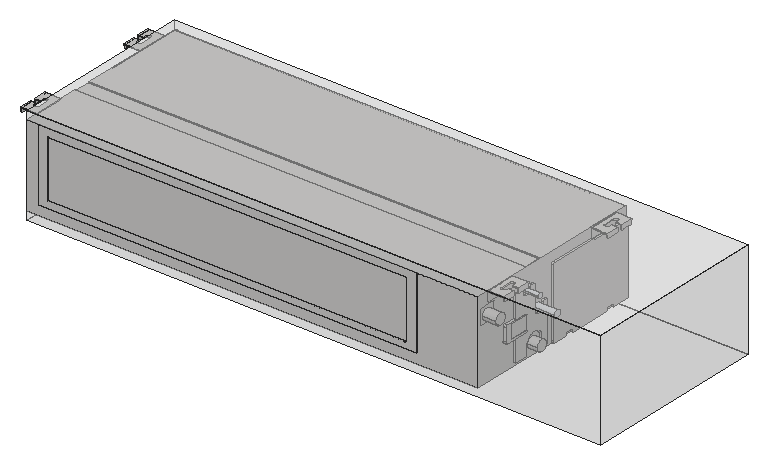
Revit family "outputfile", category 機械設備, Revit 2024
Family settings
  丸型コネクタ寸法 = 半径を使用
  パーツ タイプ = 標準
  OmniClass 番号 = 23.75.10.24.21.27.27
  OmniClass タイトル = Split System Air Conditioning Units
  作業面ベース = いいえ
  常に垂直 = はい
  ロード時にボイドで切り取り = いいえ
  注釈の向きを維持 = いいえ
  共有 = いいえ
  部屋計算ポイント = はい
Parameters (values of type "FPDSQ63APVM")
  Description = ""
  製造元 = "Daikin"
  書き出し IFC クラス(タイプ) = "IfcUnitaryEquipmentType"
  定義済み IFC タイプ(タイプ) = "AIRCONDITIONINGUNIT"
  Cost = 0
  モデル = "FPDSQ63APVM"
  Type Comments = ""
  Keynote = ""
  Type Image = (empty or 0)
  Assembly Code = ""
  lw_suctionflange = 36.75 mm  # constant formula
  r_Liquid Pipe Size = Liquid Pipe Size / 2  # 4.75 mm
  r_Gas Pipe Size = Gas Pipe Size / 2  # 7.95 mm
  r_Drain Pipe Size = Drain Pipe Size / 2  # 13.0 mm
  lw_dischargeflange = 60.0 mm  # constant formula
  lw_SA_left = 551.0 mm
  lw_SA = Width - 178.0 mm  # 922.0 mm
  lw_RA = 1024.5 mm
  lh_suctionflange [instance] = if(Rear Connection_Return Air, -100.0 mm, -10.0 mm)  # -100.0 mm
  lh_power = 100.0 mm  # constant formula
  lh_mountinghole1 = lh_mountinghole  # 200.0 mm
  lh_dischargeflange = 112.0 mm  # constant formula
  lh_RA = 198.0 mm  # constant formula
  ld_dischargeflange = 225.0 mm  # constant formula
  ld_suctionflange [instance] = if(Rear Connection_Return Air, 190.0 mm, 100.0 mm)  # 190.0 mm
  angle_vertical_RA [instance] = if(Rear Connection_Return Air, 90.00°, 0.00°)  # 90.00°
  angle horizontal_RA [instance] = if(Rear Connection_Return Air, 180.00°, 270.00°)  # 180.00°
  Voltage_comment_60Hz = "220-230"
  Voltage_comment_50Hz = "220 - 240"
  Voltage_60Hz = 220 V
  Voltage_50Hz = 230 V
  URL = ""
  Supply Air Direction [instance] = yes
  Sound Power Level_H speed (dB) = 0
  Rear Connection_Return Air [instance] = not(Bottom Connection_Return Air)  # yes
  ld_RA = 190.0 mm  # constant formula
  Phase_60Hz = 1
  Phase_50Hz = 1
  Minimum External Static Pressure = 0.00 Pa
  Minimum Circuit Amps_60Hz = 0.66 A
  Minimum Circuit Amps_50Hz = 0.66 A
  Maximum Fuse Amps_60Hz = 16.0 A
  Maximum Fuse Amps_50Hz = 16.0 A
  Maximum External Static Pressure = 10.00 Pa
  Material_Casing = DAIKIN_GalvanizedSteel_Casing_indoorunit
  lw_mountinghole = 1140.0 mm
  lh_gaspipe = -98.0 mm  # constant formula
  lh_mountinghole = 200.0 mm  # constant formula
  lh_liquidpipe = -45.5 mm  # constant formula
  lh_drainpipe = -50.0 mm  # constant formula
  lh_antena = 1.0 mm  # constant formula
  ld_drainpipe = 197.0 mm  # constant formula
  ld_liquidpipe = 84.0 mm  # constant formula
  ld_gaspipe = 46.5 mm  # constant formula
  ld_mountinghole = 315.0 mm  # constant formula
  h*** = 100.0 mm  # constant formula
  lw_liquidpipe = 40.0 mm  # constant formula
  lw_gaspipe = 51.0 mm  # constant formula
  lw_drainpipe = 33.0 mm  # constant formula
  Width = 1100.0 mm
  Version = "ver.1.0"
  Unit Type = "Intelligent 3D Air Flow Ceiling Mounted Duct Type"
  Unit Mass Weight = 23.00 kg
  Unit Designation [instance] = ""
  Uniclass2015Version = "Products v1.30"
  Uniclass2015Title = "Variable refrigerant flow units"
  Uniclass2015Code = "Pr_70_65_03_94"
  Total Cooling Capacity [instance] = 0.000 kW
  Sound Pressure Level_M speed (dBA) = 35
  Sound Pressure Level_L speed (dBA) = 30
  Sound Pressure Level_H speed (dBA) = 39
  Series = "VRV HOME_Fan Coil Unit"
  Sensible Cooling Capacity [instance] = 0.000 kW
  SA Duct Size Width = 856.0 mm
  SA Duct Size Height = 141.0 mm
  Refrigerant Type = "R410A"
  RA Duct Size Width = 998.5 mm
  RA Duct Size Height = 172.0 mm
  Power Input (Cooling) = 0.054 kW
  Option Accessory 3 [instance] = ""
  Option Accessory 2 [instance] = ""
  Option Accessory 1 [instance] = ""
  Nominal Cooling Capacity = 7.100 kW
  Minimum Airflow = 690.00 m³/h
  Median Airflow = 900.00 m³/h
  Maximum Airflow = 1140.00 m³/h
  Load Classification = HVAC
  Liquid Pipe Size = 9.5 mm
  Link_Nested Family [instance] = ""
  IfcVersion = ""
  IfcExportType = "AIRCONDITIONINGUNIT"
  IfcExportAs = "IfcUnitaryEquipmentType"
  Height = 200.0 mm
  Heat Exchanger Type = "Cross Fin Coil"
  Gas Pipe Size = 15.9 mm
  Frequency_60Hz = 60 Hz
  Frequency_50Hz = 50 Hz
  Fan Type = "Sirocco Fan"
  Fan Drive = "Direct Drive"
  FCU Tag No. [instance] = ""
  Drain Pipe Size = 26.0 mm
  Design Supply Airflow [instance] = 0.00 m³/h
  Design Return Airflow [instance] = 0.00 m³/h
  Design External Static Pressure [instance] = 0.00 Pa
  Depth = 450.0 mm
  既定の高さ = 0.0 mm
  Cooling Entering Wet Bulb Temperature [instance] = 0.00 °C
  Cooling Entering Dry Bulb Temperature [instance] = 0.00 °C
  Cooling Ambient Wet Bulb Temperature [instance] = 0.00 °C
  Cooling Ambient Dry Bulb Temperature [instance] = 0.00 °C
  Clearance visibility [instance] = yes
  Clearance Top = 20.0 mm
  Clearance Right = 300.0 mm
  Clearance Rear = 0.0 mm
  Clearance Left = 0.0 mm
  Clearance Front = 0.0 mm
  Clearance Bottom = 20.0 mm
  Bottom Connection_Return Air [instance] = no
  left_pipe = yes
Reference planes
  plane 1 "Center (Front/Back)": y = 0
  plane 2 "h": z = 0
  plane 3 "Center (Left/Right)": x = 0
  plane 4 "Back": y = 225
  plane 5 "Front": y = -225
  plane 6 "Left": x = -550
  plane 7 "Reight": x = 550
  plane 8 "Top": z = 0
  plane 9 "Bottom": z = -200
  plane 10: z = 1.2
  plane 11: z = -2
  plane 12: y = -136.255
  plane 13: z = -130.998
  plane 14: y = -88.831
  plane 15: x = -370
  plane 16 "lh_mountinghole": z = 0
  plane 17: y = -197
  plane 18: z = -50
  plane 19: y = -157.5
  plane 20: y = 157.5
  plane 21 "ld_liquidpipe": y = -84
  plane 22 "ld_gaspipe": y = -46.5
  plane 23: y = -215
  plane 24 "ld_maintenacesocket": y = -197
  plane 25: x = -570
  plane 26: x = -550
  plane 27: x = 548.7
  plane 28: x = 583
  plane 29: x = 557
  plane 30: x = 560
  plane 31: x = 558
  plane 32: x = 570
  plane 33: y = -62
  plane 34: x = 575.5
  plane 35: x = 548
  plane 36: y = 225
  plane 37: y = -225
  plane 38: x = -550
  plane 39: x = 850
  plane 40: z = 20
  plane 41: z = -220
  plane 42: y = 250
  plane 43: z = -198
  plane 44: z = 205.102
  plane 45 "d_liquid_pipe": x = 590
  plane 46 "d_gas_pipe": x = 601
  plane 47 "ld_SA": y = -225
  plane 48: x = -350
  plane 49: x = -60
  plane 50: y = 415
  plane 51: z = -88
  plane 52: z = -189.5
  plane 53: x = -549
  plane 54: z = -199
  plane 55: z = -1
  plane 56: y = 35
  plane 57: y = 25
  plane 58: z = -10
  plane 59 "RA_width": x = -36.75
  plane 60: y = 125
  plane 61 "RA_depth": y = 35
  plane 62: z = -100
  plane 63: x = -349
  plane 64: y = 224
  plane 65: x = 442.57
  plane 66: z = -31.16
  plane 67: x = 502
  plane 68: y = 158.8
  plane 69 "h86.5": z = -113.5
  plane 70: y = 111
Forms (mm)
  Extrusion 1, solid, material "DAIKIN_GalvanizedSteel_Casing_indoorunit" <- "Material_Casing"
    sketch origin (0, 0, 0) x (1, 0, 0) y (0, 1, 0)
      loop
        line (-550, 225) -> (-550, -225) -> (550, -225) -> (550, 225) -> (-550, 225)
    from -200 to 0
  Extrusion 2, solid, material "DAIKIN_GalvanizedSteel_Casing_indoorunit" <- "Material_Casing"
    sketch origin (0, 0.312, 0) x (0, 1, 0) y (0, 0, 1)
      loop
        line (182.791, -198) -> (224.688, -198) -> (224.688, -22.445) -> (195.656, -22.445) -> (192.165, -25.937) -> (122.336, -25.937) -> (118.844, -22.445) -> (1.633, -22.445)
        arc (1.633, -22.445) -> (-0.483, -23.322) -> (-1.36, -25.438) r 2.993
        line (-1.36, -25.438) -> (-1.36, -195.007)
        arc (-1.36, -195.007) -> (-0.483, -197.123) -> (1.633, -198) r 2.993
        line (1.633, -198) -> (31.061, -198)
        arc (31.061, -198) -> (33.177, -197.124) -> (34.053, -195.008) r 2.992
        line (34.053, -195.008) -> (34.053, -188.29)
        arc (34.053, -188.29) -> (35.55, -186.794) -> (37.046, -188.29) r 1.496
        line (37.046, -188.29) -> (37.046, -190.333) -> (52.01, -190.333) -> (52.01, -188.29)
        arc (52.01, -188.29) -> (53.506, -186.794) -> (55.002, -188.29) r 1.496
        line (55.002, -188.29) -> (55.002, -195.007)
        arc (55.002, -195.007) -> (55.879, -197.123) -> (57.995, -198) r 2.993
        line (57.995, -198) -> (155.756, -198)
        arc (155.756, -198) -> (157.872, -197.123) -> (158.749, -195.007) r 2.993
        line (158.749, -195.007) -> (158.749, -188.29)
        arc (158.749, -188.29) -> (160.245, -186.794) -> (161.741, -188.29) r 1.496
        line (161.741, -188.29) -> (161.741, -190.333) -> (176.705, -190.333) -> (176.705, -188.29)
        arc (176.705, -188.29) -> (178.201, -186.794) -> (179.697, -188.29) r 1.496
        line (179.697, -188.29) -> (179.697, -195.005)
        arc (179.697, -195.005) -> (180.571, -197.115) -> (182.682, -197.989) r 2.984
      loop
        arc (-61.313, -42.952) -> (-62.034, -41.571) -> (-63.466, -40.958) r 2.32
        line (-63.466, -40.958) -> (-70.317, -40.958)
        arc (-70.317, -40.958) -> (-71.728, -41.542) -> (-72.313, -42.953) r 1.995
        line (-72.313, -42.953) -> (-72.313, -45.5)
        arc (-72.313, -45.5) -> (-84.313, -57.5) -> (-96.313, -45.5) r 12
        line (-96.313, -45.5) -> (-96.313, -42.953)
        arc (-96.313, -42.953) -> (-96.897, -41.542) -> (-98.308, -40.958) r 1.995
        line (-98.308, -40.958) -> (-115.14, -40.958)
        arc (-115.14, -40.958) -> (-116.551, -41.542) -> (-117.135, -42.953) r 1.995
        line (-117.135, -42.953) -> (-117.135, -189.5) -> (-22.307, -189.5) -> (-22.307, -92.768)
        arc (-22.307, -92.768) -> (-22.891, -91.358) -> (-24.302, -90.773) r 1.995
        line (-24.302, -90.773) -> (-30.318, -90.773)
        arc (-30.318, -90.773) -> (-31.728, -91.358) -> (-32.313, -92.768) r 1.995
        line (-32.313, -92.768) -> (-32.313, -99.963)
        arc (-32.313, -99.963) -> (-47.621, -112.774) -> (-61.313, -98.249) r 14.551
        line (-61.313, -98.249) -> (-61.313, -42.952)
    from 550 to 557
  Extrusion 3, solid, material "DAIKIN_GalvanizedSteel_Casing_indoorunit" <- "Material_Casing"
    sketch origin (0, 0, 0) x (0, 1, 0) y (0, 0, 1)
      loop
        line (-91.821, -94.277) -> (-145.472, -94.277)
        arc (-145.472, -94.277) -> (-147.727, -95.07) -> (-148.682, -97.262) r 2.993
        line (-148.682, -97.262) -> (-148.682, -131.007)
        arc (-148.682, -131.007) -> (-147.871, -133.233) -> (-145.694, -134.172) r 2.993
        line (-145.694, -134.172) -> (-92.043, -134.172)
        arc (-92.043, -134.172) -> (-89.788, -133.378) -> (-88.833, -131.187) r 2.993
        line (-88.833, -131.187) -> (-88.831, -97.148)
        arc (-88.831, -97.148) -> (-89.748, -95.111) -> (-91.821, -94.277) r 2.993
    from 550 to 560
  Extrusion 4, void
    sketch origin (0, 0, 0) x (1, 0, 0) y (0, 1, 0)
      loop
        line (548.7, -35.647) -> (-550, -35.647) -> (-550, -77.912) -> (548.7, -77.912) -> (548.7, -35.647)
    from -2 to 0
  Extrusion 5, void
    sketch origin (0, 0, 0) x (0, 1, 0) y (0, 0, 1)
      loop
        line (-136.255, -95.719) -> (-136.255, -130.724) -> (-88.831, -130.724) -> (-88.831, -95.719) -> (-136.255, -95.719)
    from 558 to 560
  Extrusion 6, void
    sketch origin (0, 0, 29.537) x (0, 1, 0) y (0, 0, 1)
      loop
        arc (-37.558, -199.001) -> (-61.998, -174.561) -> (-86.438, -199.001) r 24.44
        line (-86.438, -199.001) -> (-86.438, -219.037) -> (-37.558, -219.037) -> (-37.558, -199.001)
    from 557 to 550
  Extrusion 7, solid, material "DAIKIN_GalvanizedSteel_Casing_indoorunit" <- "Material_Casing"
    sketch origin (0, 0, 0) x (0, 1, 0) y (0, 0, 1)
      loop
        circle (-62, -170) r 12.968
    from 550 to 575.5
  Extrusion 8, solid, material "DAIKIN_GalvanizedSteel_Casing_indoorunit" <- "Material_Casing"
    sketch origin (0, 0, 0) x (0, 1, 0) y (0, 0, 1)
      loop
        circle (-197, -50) r 13
    from 548 to 583
  Extrusion 9, void
    sketch origin (0, 0, 0) x (0, 1, 0) y (0, 0, 1)
      loop
        arc (-212.961, -29.051) -> (-216.488, -30.512) -> (-217.949, -34.039) r 4.988
        line (-217.949, -34.039) -> (-217.949, -63.961)
        arc (-217.949, -63.961) -> (-216.488, -67.488) -> (-212.961, -68.949) r 4.988
        line (-212.961, -68.949) -> (-181.039, -68.949)
        arc (-181.039, -68.949) -> (-177.512, -67.488) -> (-176.051, -63.961) r 4.988
        line (-176.051, -63.961) -> (-176.051, -34.039)
        arc (-176.051, -34.039) -> (-177.512, -30.512) -> (-181.039, -29.051) r 4.988
        line (-181.039, -29.051) -> (-212.961, -29.051)
    from 548 to 550
  Extrusion 10, solid
    sketch origin (0, 0, 0) x (0, 1, 0) y (0, 0, 1)
      loop
        circle (-84, -45.5) r 4.75
    from 550 to 590
  Extrusion 11, solid
    sketch origin (0, 0, 0) x (0, 1, 0) y (0, 0, 1)
      loop
        circle (-46.5, -98) r 7.95
    from 550 to 601
  Extrusion 12, solid, material "DAIKIN_GalvanizedSteel_Casing_indoorunit" <- "Material_Casing"
    sketch origin (0, 0, 0) x (1, 0, 0) y (0, 1, 0)
      loop
        circle (502, 158.8) r 25
    from -198 to -200
  Extrusion 13, void
    sketch origin (0, 0, 0) x (1, 0, 0) y (0, 0, 1)
      loop
        line (-549, -1) -> (-549, -199) -> (462.5, -199) -> (462.5, -1) -> (-549, -1)
    from -225 to -35
  Extrusion 14, void
    sketch origin (0, 0, 0) x (1, 0, 0) y (0, 1, 0)
      loop
        line (-549, 224) -> (-549, 26) -> (462.5, 26) -> (462.5, 224) -> (-549, 224)
    from -200 to -10
  Extrusion 15, solid, material "DAIKIN_GalvanizedSteel_Casing_indoorunit" <- "Material_Casing", visible <- "Rear Connection_Return Air"
    sketch origin (0, 0, 0) x (1, 0, 0) y (0, 1, 0)
      loop
        line (462.5, 224) -> (-549, 224) -> (-549, 26) -> (462.5, 26) -> (462.5, 224)
    from -200 to -199
  Extrusion 16, solid, material "DAIKIN_GalvanizedSteel_Casing_indoorunit" <- "Material_Casing", visible <- "Bottom Connection_Return Air"
    sketch origin (0, 0, 0) x (1, 0, 0) y (0, 0, 1)
      loop
        line (462.5, -1) -> (-549, -1) -> (-549, -199) -> (462.5, -199) -> (462.5, -1)
    from -225 to -215
  Extrusion 17, void
    sketch origin (-550, 0, 0) x (0, 1, 0) y (0, 0, 1)
      loop
        line (152, -88.5) -> (70, -88.5) -> (70, -138.5) -> (152, -138.5) -> (152, -88.5)
    from 0 to 0.5
  Revolve 18, solid, material "DAIKIN_GalvanizedSteel_Casing_indoorunit" <- "Material_Casing", visible <- "left_pipe"
    sketch origin (0, 0, -113.5) x (0, 1, 0) y (-1, 0, 0)
      loop
        line (111, 549.5) -> (111, 573) -> (103.5, 573) -> (103.5, 559) -> (93.5, 559) -> (93.5, 557.5) -> (90, 557.5) -> (90, 549.5) -> (111, 549.5)
      axis (111, 573) -> (111, 549.5)
    angle from 0 to 360
Cuts and joins
  Extrusion 4, Extrusion 5, Extrusion 9, Extrusion 13, Extrusion 14, Extrusion 17 cuts Extrusion 1
  Extrusion 5 cuts Extrusion 3
  Extrusion 6 cuts Extrusion 2
  Extrusion 13 cuts Extrusion 8
Dimensions and locks
  "Height": plane 8 "Top" to plane 9 "Bottom"
  locked: plane 10 to plane 8 "Top" at 1.2
  locked: plane 8 "Top" to plane 11 at 2
  locked: Extrusion 6 sketch curve to Extrusion 6 sketch curve at 48.881
  locked: Extrusion 6 sketch curve to Extrusion 6 sketch curve at 20.035  (x2)
  equal spacing: plane 19, plane 1 "Center (Front/Back)", plane 20
  "ld_mountinghole": plane 19 to plane 20
  "ld_gaspipe": plane 22 "ld_gaspipe" to plane 1 "Center (Front/Back)"
  "ld_liquidpipe": plane 21 "ld_liquidpipe" to plane 1 "Center (Front/Back)"
  "ld_drainpipe": plane 24 "ld_maintenacesocket" to plane 1 "Center (Front/Back)"
  equal spacing: plane 4 "Back", plane 1 "Center (Front/Back)", plane 5 "Front"
  "Depth": plane 4 "Back" to plane 5 "Front"
  locked: plane 12 to plane 1 "Center (Front/Back)" at 136.255
  locked: plane 12 to plane 14 at 47.425
  locked: plane 14 to plane 1 "Center (Front/Back)" at 88.831
  locked: plane 13 to plane 9 "Bottom" at 69.002
  equal spacing: plane 6 "Left", plane 3 "Center (Left/Right)", plane 7 "Reight"
  "Width": plane 6 "Left" to plane 7 "Reight"
  "lw_drainpipe": plane 7 "Reight" to plane 28
  locked: plane 7 "Reight" to plane 29 at 7
  locked: plane 30 to plane 28 at 23
  locked: plane 31 to plane 28 at 25
  equal spacing: plane 25, plane 3 "Center (Left/Right)", plane 32
  "lw_mountinghole": plane 25 to plane 32
  locked: plane 7 "Reight" to plane 34 at 25.5
  locked: plane 35 to plane 7 "Reight" at 2
  "Clearance Left": plane 38 to plane 6 "Left"
  "Clearance Right": plane 7 "Reight" to plane 39
  "Clearance Rear": plane 36 to plane 4 "Back"
  "Clearance Front": plane 5 "Front" to plane 37
  "Clearance Top": plane 40 to plane 8 "Top"
  "Clearance Bottom": plane 9 "Bottom" to plane 41
  locked: plane 42 to plane 4 "Back" at 25
  locked: plane 27 to plane 7 "Reight" at 1.3
  locked: plane 43 to plane 9 "Bottom" at 2
  "lw_liquidpipe": plane 7 "Reight" to plane 45 "d_liquid_pipe"
  "lw_gaspipe": plane 7 "Reight" to plane 46 "d_gas_pipe"
  "lh_mountinghole": plane 16 "lh_mountinghole" to plane 9 "Bottom"
  "ld_suctionflange": plane 50 to plane 4 "Back"
  "lw_dischargeflange": plane 49 to plane 3 "Center (Left/Right)"
  "lh_dischargeflange": plane 51 to plane 9 "Bottom"
  locked: plane 52 to plane 9 "Bottom" at 10.5
  locked: plane 33 to plane 1 "Center (Front/Back)" at 62
  locked: plane 8 "Top" to plane 55 at 1
  locked: plane 53 to plane 6 "Left" at 1
  locked: plane 54 to plane 9 "Bottom" at 1
  locked: plane 58 to plane 9 "Bottom" at 190
  locked: plane 4 "Back" to plane 56 at 190
  locked: plane 4 "Back" to plane 57 at 200
  locked: plane 4 "Back" to plane 60 at 100
  "lw_suctionflange": plane 59 "RA_width" to plane 3 "Center (Left/Right)"
  "ld_suctionflange": plane 4 "Back" to plane 61 "RA_depth"
  "lh_power": plane 62 to plane 9 "Bottom"
  locked: plane 48 to plane 63 at 1
  locked: plane 36 to plane 64 at 1
  locked: plane 8 "Top" to plane 66 at 31.16
  locked: plane 7 "Reight" to plane 65 at 107.43
  locked: plane 18 to plane 9 "Bottom" at 150
  locked: plane 67 to plane 7 "Reight" at 48
  locked: Extrusion 17 sketch curve to Extrusion 17 sketch curve at 82
  locked: Extrusion 17 sketch curve to Extrusion 17 sketch curve at 50
  locked: plane 4 "Back" to Extrusion 17 sketch curve at 73
  locked: Extrusion 17 sketch curve to plane 9 "Bottom" at 61.5
  locked: plane 69 "h86.5" to plane 9 "Bottom" at 86.5
  locked: plane 4 "Back" to plane 70 at 114
  locked: plane 70 to Revolve 18 sketch curve at 21
  locked: plane 70 to Revolve 18 sketch curve at 17.5
  locked: plane 70 to Revolve 18 sketch curve at 7.5
  locked: Revolve 18 sketch curve to plane 6 "Left" at 23
  cut or joined group of Extrusion 1, Extrusion 4, Extrusion 5, Extrusion 9, Extrusion 13, Extrusion 14, Extrusion 17 to nested 16 = 998.5 mm
  nested 16 to nested 9 = 14.0 mm
  nested 16 to cut or joined group of Extrusion 1, Extrusion 4, Extrusion 5, Extrusion 9, Extrusion 13, Extrusion 14, Extrusion 17 = 13.0 mm
  "ld_dischargeflange": plane 47 "ld_SA" to plane 1 "Center (Front/Back)"
  plane 4 "Back" to plane 68 = 66.2 mm
  "Drain Pipe Size": diameter of Extrusion 8 sketch curve
  "Liquid Pipe Size": diameter of Extrusion 10 sketch curve
  "Gas Pipe Size": diameter of Extrusion 11 sketch curve
  aligned and locked: level to plane 2 "h"
  aligned and locked: plane 8 "Top" to Extrusion 1
  aligned and locked: Extrusion 1 to plane 9 "Bottom"
  aligned and locked: cut or joined group of Extrusion 1, Extrusion 4, Extrusion 5, Extrusion 9, Extrusion 13, Extrusion 14, Extrusion 17 to plane 8 "Top"
  aligned and locked: Extrusion 4 to plane 11
  aligned and locked: plane 8 "Top" to Extrusion 4
  aligned and locked: Extrusion 3 to Extrusion 5
  aligned and locked: plane 14 to Extrusion 5 sketch curve
  aligned and locked: Extrusion 5 sketch curve to plane 12
  aligned and locked: plane 19 to nested 1
  aligned and locked: nested 3 to plane 19
  aligned and locked: nested 2 to plane 20
  aligned and locked: nested 4 to plane 22 "ld_gaspipe"
  aligned and locked: nested 5 to plane 21 "ld_liquidpipe"
  aligned and locked: nested 6 to plane 24 "ld_maintenacesocket"
  aligned and locked: plane 4 "Back" to cut or joined group of Extrusion 2, Extrusion 6
  aligned and locked: nested 1 to plane 7 "Reight"
  aligned and locked: plane 6 "Left" to plane 26
  aligned and locked: Extrusion 4 sketch curve to plane 26
  aligned and locked: Extrusion 4 sketch curve to plane 27
  aligned and locked: cut or joined group of Extrusion 1, Extrusion 4, Extrusion 5, Extrusion 9, Extrusion 13, Extrusion 14, Extrusion 17 to plane 6 "Left"
  aligned and locked: plane 7 "Reight" to cut or joined group of Extrusion 1, Extrusion 4, Extrusion 5, Extrusion 9, Extrusion 13, Extrusion 14, Extrusion 17
  aligned and locked: plane 28 to Extrusion 8
  aligned and locked: Extrusion 8 to plane 28  (x2)
  aligned and locked: cut or joined group of Extrusion 2, Extrusion 6 to plane 29
  aligned and locked: plane 29 to cut or joined group of Extrusion 2, Extrusion 6  (x3)
  aligned and locked: plane 7 "Reight" to nested 1
  aligned and locked: cut or joined group of Extrusion 2, Extrusion 6 to plane 7 "Reight"
  aligned and locked: Extrusion 2 to Extrusion 6
  aligned and locked: Extrusion 6 to plane 7 "Reight"
  aligned and locked: plane 30 to cut or joined group of Extrusion 3, Extrusion 5
  aligned and locked: cut or joined group of Extrusion 3, Extrusion 5 to plane 31
  aligned and locked: nested 2 to plane 6 "Left"
  aligned and locked: nested 3 to plane 6 "Left"
  aligned and locked: plane 33 to Extrusion 7 sketch curve
  aligned and locked: Extrusion 7 to plane 7 "Reight"
  aligned and locked: plane 34 to Extrusion 7
  aligned and locked: Extrusion 3 to plane 7 "Reight"
  aligned and locked: plane 7 "Reight" to Extrusion 9
  aligned and locked: plane 35 to Extrusion 9
  aligned and locked: plane 35 to Extrusion 8
  aligned and locked: plane 20 to nested 7
  aligned and locked: plane 3 "Center (Left/Right)" to nested 8
  aligned and locked: plane 1 "Center (Front/Back)" to nested 8
  aligned and locked: plane 7 "Reight" to nested 7
  aligned and locked: plane 4 "Back" to cut or joined group of Extrusion 1, Extrusion 4, Extrusion 5, Extrusion 9, Extrusion 13, Extrusion 14, Extrusion 17
  aligned and locked: nested 9 to plane 37
  aligned and locked: plane 38 to nested 9
  aligned and locked: plane 39 to nested 9
  aligned and locked: nested 9 to plane 38
  aligned and locked: plane 36 to nested 9
  aligned and locked: plane 40 to nested 9
  aligned and locked: plane 41 to nested 9
  aligned and locked: cut or joined group of Extrusion 1, Extrusion 4, Extrusion 5, Extrusion 9, Extrusion 13, Extrusion 14, Extrusion 17 to plane 9 "Bottom"
  aligned and locked: Extrusion 10 to plane 7 "Reight"
  aligned and locked: plane 45 "d_liquid_pipe" to Extrusion 10
  aligned and locked: plane 22 "ld_gaspipe" to Extrusion 11 sketch curve
  aligned and locked: Extrusion 11 to plane 7 "Reight"
  aligned and locked: plane 46 "d_gas_pipe" to Extrusion 11
  aligned and locked: plane 46 "d_gas_pipe" to nested 4
  aligned and locked: plane 45 "d_liquid_pipe" to nested 5
  aligned and locked: plane 21 "ld_liquidpipe" to Extrusion 10 sketch curve
  aligned and locked: plane 16 "lh_mountinghole" to nested 3
  aligned and locked: plane 16 "lh_mountinghole" to nested 2
  aligned and locked: plane 16 "lh_mountinghole" to nested 1
  aligned and locked: plane 16 "lh_mountinghole" to nested 7
  aligned and locked: plane 32 to nested 10
  aligned and locked: plane 19 to nested 10
  aligned and locked: plane 32 to nested 13
  aligned and locked: plane 20 to nested 13
  aligned and locked: plane 25 to nested 11
  aligned and locked: plane 20 to nested 11
  aligned and locked: plane 25 to nested 12
  aligned and locked: plane 19 to nested 12
  aligned and locked: plane 49 to nested 14
  aligned and locked: plane 51 to nested 14
  aligned and locked: plane 20 to nested 15
  aligned and locked: plane 52 to Extrusion 2 sketch curve
  aligned and locked: cut or joined group of Extrusion 2, Extrusion 6 to Extrusion 12
  aligned and locked: Extrusion 12 to plane 9 "Bottom"
  aligned and locked: nested 15 to plane 9 "Bottom"
  aligned and locked: Extrusion 2 sketch curve to plane 43  (x3)
  aligned and locked: plane 53 to Extrusion 13 sketch curve
  aligned and locked: Extrusion 13 sketch curve to plane 55
  aligned and locked: plane 54 to Extrusion 13 sketch curve
  aligned and locked: plane 4 "Back" to Extrusion 13
  aligned and locked: nested 16 to cut or joined group of Extrusion 1, Extrusion 4, Extrusion 5, Extrusion 9, Extrusion 13, Extrusion 14, Extrusion 17
  aligned and locked: Extrusion 14 to plane 9 "Bottom"
  aligned and locked: plane 58 to Extrusion 14
  aligned and locked: Extrusion 15 sketch curve to cut or joined group of Extrusion 1, Extrusion 4, Extrusion 5, Extrusion 9, Extrusion 13, Extrusion 14, Extrusion 17  (x2)
  aligned and locked: cut or joined group of Extrusion 1, Extrusion 4, Extrusion 5, Extrusion 9, Extrusion 13, Extrusion 14, Extrusion 17 to Extrusion 15 sketch curve
  aligned and locked: Extrusion 15 to plane 9 "Bottom"
  aligned and locked: Extrusion 13 to plane 56
  aligned and locked: Extrusion 16 sketch curve to cut or joined group of Extrusion 1, Extrusion 4, Extrusion 5, Extrusion 9, Extrusion 13, Extrusion 14, Extrusion 17  (x3)
  aligned and locked: plane 4 "Back" to Extrusion 16
  aligned and locked: Extrusion 15 to cut or joined group of Extrusion 1, Extrusion 4, Extrusion 5, Extrusion 9, Extrusion 13, Extrusion 14, Extrusion 17
  aligned and locked: plane 7 "Reight" to nested 6
  aligned and locked: plane 24 "ld_maintenacesocket" to nested 6
  aligned and locked: plane 61 "RA_depth" to nested 17
  aligned and locked: plane 67 to Extrusion 12 sketch curve
  aligned and locked: plane 68 to Extrusion 12 sketch curve
  aligned and locked: plane 67 to nested 15
  aligned and locked: nested 18 to Extrusion 16
  aligned and locked: plane 70 to Revolve 18 sketch curve
  aligned and locked: plane 49 to nested 19
  aligned and locked: plane 47 "ld_SA" to nested 19
  aligned and locked: plane 1 "Center (Front/Back)" to nested 14
  aligned and locked: nested 19 to plane 51
Automatic sketch dimensions
  Extrusion 3 sketch curve to Extrusion 3 sketch curve = 0.217 mm  (x2)
  Extrusion 3 sketch curve to Extrusion 3 sketch curve = 2.985 mm  (x2)
  Extrusion 3 sketch curve to Extrusion 3 sketch curve = 53.651 mm
  Extrusion 3 sketch curve to Extrusion 3 sketch curve = 2.988 mm
  Extrusion 3 sketch curve to Extrusion 3 sketch curve = 0.172 mm
  Extrusion 3 sketch curve to Extrusion 3 sketch curve = 0.222 mm
  Extrusion 3 sketch curve to Extrusion 3 sketch curve = 2.993 mm
  Extrusion 3 sketch curve to Extrusion 3 sketch curve = 0.008 mm
  plane 1 "Center (Front/Back)" to Extrusion 4 sketch curve = 77.912 mm
  plane 1 "Center (Front/Back)" to Extrusion 4 sketch curve = 35.647 mm
  plane 9 "Bottom" to Extrusion 7 sketch curve = 30.0 mm
  Extrusion 3 sketch curve to Extrusion 3 sketch curve = 2.99 mm
  plane 9 "Bottom" to Extrusion 3 sketch curve = 65.828 mm
  Extrusion 3 sketch curve to Extrusion 3 sketch curve = 33.917 mm
  Extrusion 3 sketch curve to Extrusion 3 sketch curve = 33.745 mm
  Extrusion 3 sketch curve to plane 19 = 8.818 mm
  plane 23 to Extrusion 1 sketch curve = 10.0 mm
  Extrusion 1 sketch curve to plane 6 "Left" = 0.0 mm
  Extrusion 1 sketch curve to plane 7 "Reight" = 0.0 mm
  plane 23 to Extrusion 9 sketch curve = 2.949 mm
  Extrusion 9 sketch curve to plane 23 = 2.039 mm  (x2)
  Extrusion 9 sketch curve to plane 24 "ld_maintenacesocket" = 15.961 mm
  Extrusion 9 sketch curve to Extrusion 9 sketch curve = 4.988 mm  (x2)
  Extrusion 1 sketch curve to plane 4 "Back" = 0.0 mm
  plane 21 "ld_liquidpipe" to Extrusion 6 sketch curve = 2.438 mm
  plane 43 to Extrusion 6 sketch curve = 8.5 mm
  plane 6 "Left" to Extrusion 14 sketch curve = 1.0 mm
  Extrusion 14 sketch curve to plane 7 "Reight" = 87.5 mm
  Extrusion 14 sketch curve to plane 4 "Back" = 1.0 mm
  Extrusion 15 sketch curve to plane 4 "Back" = 1.0 mm
  plane 51 to Extrusion 5 sketch curve = 7.719 mm
  Extrusion 9 sketch curve to plane 51 = 19.051 mm
  Extrusion 9 sketch curve to plane 58 = 24.039 mm
  Extrusion 10 sketch curve to plane 58 = 35.5 mm
  plane 35 to Extrusion 16 sketch curve = 85.5 mm
  plane 35 to Extrusion 13 sketch curve = 85.5 mm
  plane 57 to Extrusion 14 sketch curve = 1.0 mm
  Extrusion 8 sketch curve to plane 17 = 0.0 mm
  Extrusion 8 sketch curve to plane 18 = 0.0 mm
  plane 62 to Extrusion 11 sketch curve = 2.0 mm
  plane 13 to Extrusion 5 sketch curve = 0.274 mm
  Revolve 18 sketch curve to plane 70 = 0.0 mm
  plane 6 "Left" to Revolve 18 sketch curve = 0.5 mm
  Revolve 18 sketch curve to Revolve 18 sketch curve = 24.26 mm
  Revolve 18 sketch curve to Revolve 18 sketch curve = 20.32 mm
  Extrusion 2 sketch curve to plane 4 "Back" = 0.0 mm
  plane 66 to Extrusion 2 sketch curve = 5.223 mm
  Extrusion 2 sketch curve to plane 4 "Back" = 32.523 mm
  plane 43 to Extrusion 2 sketch curve = 2.995 mm
  Extrusion 2 sketch curve to plane 20 = 25.494 mm
  plane 52 to Extrusion 2 sketch curve = 1.21 mm  (x4)
  Extrusion 2 sketch curve to Extrusion 2 sketch curve = 2.984 mm
  Extrusion 2 sketch curve to Extrusion 2 sketch curve = 1.496 mm  (x3)
  Extrusion 2 sketch curve to plane 52 = 0.833 mm  (x2)
  Extrusion 2 sketch curve to plane 20 = 4.554 mm
  plane 20 to Extrusion 2 sketch curve = 1.432 mm
  Extrusion 2 sketch curve to plane 60 = 2.352 mm
  Extrusion 2 sketch curve to Extrusion 2 sketch curve = 3.492 mm
  plane 43 to Extrusion 2 sketch curve = 2.993 mm
  plane 56 to Extrusion 2 sketch curve = 23.307 mm
  plane 56 to Extrusion 2 sketch curve = 2.359 mm
  plane 56 to Extrusion 2 sketch curve = 0.862 mm
  Extrusion 2 sketch curve to plane 56 = 0.634 mm
  Extrusion 2 sketch curve to Extrusion 2 sketch curve = 2.992 mm
  Extrusion 2 sketch curve to plane 1 "Center (Front/Back)" = 1.945 mm  (x2)
  plane 1 "Center (Front/Back)" to Extrusion 2 sketch curve = 1.047 mm
  Extrusion 2 sketch curve to Extrusion 2 sketch curve = 20.947 mm
  Extrusion 2 sketch curve to Extrusion 2 sketch curve = 1.995 mm  (x4)
  Extrusion 2 sketch curve to Extrusion 2 sketch curve = 6.016 mm
  plane 62 to Extrusion 2 sketch curve = 0.037 mm
  Extrusion 2 sketch curve to plane 22 "ld_gaspipe" = 0.051 mm
  Extrusion 2 sketch curve to plane 66 = 11.792 mm
  Extrusion 2 sketch curve to Extrusion 2 sketch curve = 30.995 mm
  Extrusion 2 sketch curve to Extrusion 2 sketch curve = 2.154 mm
  Extrusion 2 sketch curve to Extrusion 2 sketch curve = 0.144 mm
  Extrusion 2 sketch curve to Extrusion 2 sketch curve = 6.708 mm
  plane 21 "ld_liquidpipe" to Extrusion 2 sketch curve = 0.0 mm
  Extrusion 2 sketch curve to plane 66 = 9.798 mm
  Extrusion 2 sketch curve to Extrusion 2 sketch curve = 16.833 mm
  plane 21 "ld_liquidpipe" to Extrusion 2 sketch curve = 32.823 mm
  plane 51 to Extrusion 2 sketch curve = 4.768 mm
  Extrusion 2 sketch curve to Extrusion 2 sketch curve = 2.547 mm
  Extrusion 2 sketch curve to Extrusion 2 sketch curve = 0.321 mm
  plane 66 to Extrusion 2 sketch curve = 5.722 mm
  Extrusion 2 sketch curve to Extrusion 2 sketch curve = 3.491 mm
  Extrusion 2 sketch curve to Extrusion 2 sketch curve = 0.11 mm
  Extrusion 2 sketch curve to Extrusion 2 sketch curve = 0.0 mm
  plane 66 to Extrusion 2 sketch curve = 8.715 mm
  Revolve 18 sketch curve to Revolve 18 sketch curve = 1.5 mm
  Revolve 18 sketch curve to plane 6 "Left" = 7.5 mm
  radius of Extrusion 7 sketch curve = 12.968 mm
  radius of Extrusion 12 sketch curve = 25.0 mm
Nested families
  nested 1: "daikin_hangerfixture_FPDSQ-APVM" at (550, -157.5, 0), type "daikin_hangerfixture_FPDSQ-APVM"
  nested 2: "daikin_hangerfixture_FPDSQ-APVM" at (-550, 157.5, 0) x (-1, 0, 0) z (0, 0, 1), type "daikin_hangerfixture_FPDSQ-APVM"
  nested 3: "daikin_hangerfixture_FPDSQ-APVM" at (-550, -157.5, 0) x (-1, 0, 0) z (0, 0, 1), type "daikin_hangerfixture_FPDSQ-APVM"
  nested 4: "daikin_connector_rotate2" at (550, -46.5, -98) x (0, 1, 0) z (0, 0, 1), length <- "lw_gaspipe", built-in parameter 1001364 <- "lh_gaspipe", type "daikin_connector_rotate2"
    with radius 6.35 mm, length 51.0 mm, angle_vertical 90.00°
  nested 5: "daikin_connector_rotate2" at (550, -84, -45.5) x (0, 1, 0) z (0, 0, 1), length <- "lw_liquidpipe", built-in parameter 1001364 <- "lh_liquidpipe", type "daikin_connector_rotate2"
    with radius 3.2 mm, length 40.0 mm, angle_vertical 90.00°
  nested 6: "daikin_connector_rotate2" at (550, -197, -50) x (0, 1, 0) z (0, 0, 1), length <- "lw_drainpipe", built-in parameter 1001364 <- "lh_drainpipe", type "daikin_connector_rotate2"
    with radius 13.0 mm, length 33.0 mm, angle_vertical 90.00°
  nested 7: "daikin_hangerfixture_FPDSQ-APVM" at (550, 157.5, 0), type "daikin_hangerfixture_FPDSQ-APVM"
  nested 8: "daikin_△_symbolicline" at (0, 0, 200), built-in parameter 1001364 <- "Height", visible <- "Supply Air Direction", type "daikin_△_symbolicline"
    with length 200.0 mm
  nested 9: "daikin_clearancespace" at (150, 0, -99.881), visible <- "Clearance visibility", show <- "Clearance visibility", Link_Nested Family <- "Link_Nested Family", type "daikin_clearancespace"
    with width 1400.0 mm, show yes, height 240.0 mm, depth 450.0 mm, Link_Nested Family ""
  nested 10: "daikin_mountinghole" at (570, -157.5, -200), l_antenna <- "lh_antena", Link_Nested Family <- "Link_Nested Family", h_mountinghole <- "lh_mountinghole1", type "daikin_mountinghole"
    with show yes, l_antenna 1.0 mm, h_mountinghole 200.0 mm, Link_Nested Family ""
  nested 11: "daikin_mountinghole" at (-570, 157.5, -200), l_antenna <- "lh_antena", Link_Nested Family <- "Link_Nested Family", h_mountinghole <- "lh_mountinghole1", type "daikin_mountinghole"
    with show yes, l_antenna 1.0 mm, h_mountinghole 200.0 mm, Link_Nested Family ""
  nested 12: "daikin_mountinghole" at (-570, -157.5, -200), l_antenna <- "lh_antena", Link_Nested Family <- "Link_Nested Family", h_mountinghole <- "lh_mountinghole1", type "daikin_mountinghole"
    with show yes, l_antenna 1.0 mm, h_mountinghole 200.0 mm, Link_Nested Family ""
  nested 13: "daikin_mountinghole" at (570, 157.5, -200), l_antenna <- "lh_antena", Link_Nested Family <- "Link_Nested Family", h_mountinghole <- "lh_mountinghole1", type "daikin_mountinghole"
    with show yes, l_antenna 1.0 mm, h_mountinghole 200.0 mm, Link_Nested Family ""
  nested 14: "daikin_connector_rotate2" at (-60, 0, -88), length <- "ld_dischargeflange", type "daikin_connector_rotate2"
    with radius 10.0 mm, length 225.0 mm, angle_vertical 90.00°
  nested 15: "daikin_connector_rotate2" at (502, 157.5, -100) x (1, 0, 0) z (0, -1, 0), length <- "lh_power", type "daikin_connector_rotate2"
    with radius 10.0 mm, length 100.0 mm, angle_vertical 90.00°
  nested 16: "daikin_ductflange_FPDSQ-APVM2" at (-36.75, 225, -199), height <- "lh_RA", width <- "lw_RA", visible <- "Rear Connection_Return Air", type "daikin_ductflange_FPDSQ-APVM2"
    with width 1024.5 mm, height 198.0 mm, depth 8.188 mm
  nested 17: "daikin_connector_rotate3" at (-36.75, 35, -100), built-in parameter 1001364 <- "lh_suctionflange", length <- "ld_RA", angle_vertical <- "angle_vertical_RA", angle_horizontal <- "angle horizontal_RA", type "daikin_connector_rotate3"
    with show no, radius 10.0 mm, length 190.0 mm, angle_vertical 90.00°, angle_horizontal 180.00°
  nested 18: "daikin_ductflange_FPDSQ-APVM2" at (-36.75, 26, -200) x (1, 0, 0) z (0, 1, 0), width <- "lw_RA", height <- "lh_RA", visible <- "Bottom Connection_Return Air", type "daikin_ductflange_FPDSQ-APVM2"
    with width 1024.5 mm, height 198.0 mm, depth 562.323 mm
  nested 19: "daikin_ductflange_FPDSQ-APVM3" at (-60, -225, -187), height <- "lh_RA", width <- "lw_SA", type "daikin_ductflange_FPDSQ-APVM3"
    with width 922.0 mm, height 198.0 mm, depth 1.0 mm
Connectors
  piping at (601, -46.5, -98), diameter 15.9, driven by "r_Gas Pipe Size"
    settings: on nested 4, index 3, connector inside diameter 609.6 mm, connector length 0.0 mm, flow factor 0, pipe flow 0.00 m³/h, pressure drop 0.0 Pa, fitting loss kfactor 0, connector angle 0.00°, fixture units 0, engagement length 0.0 mm, angle of deflection 0.00°, flow configuration 1, flow direction 2, fitting loss method 0, system type 29, joint type 0, gender type 0, connector reference index -1, connector utility 0, adjustable connector no, is connector primary yes, connector description "Refrigerant Gas Piping"
  piping at (590, -84, -45.5), diameter 9.5, driven by "r_Liquid Pipe Size"
    settings: on nested 5, index 4, connector inside diameter 609.6 mm, connector length 0.0 mm, flow factor 0, pipe flow 0.00 m³/h, pressure drop 0.0 Pa, fitting loss kfactor 0, connector angle 0.00°, fixture units 0, engagement length 0.0 mm, angle of deflection 0.00°, flow configuration 1, flow direction 1, fitting loss method 0, system type 29, joint type 0, gender type 0, connector reference index -1, connector utility 0, adjustable connector no, is connector primary no, connector description "Refrigerant Liquid Piping"
  piping at (583, -197, -50), diameter 26, driven by "r_Drain Pipe Size"
    settings: on nested 6, index 5, connector inside diameter 609.6 mm, connector length 0.0 mm, flow factor 0, pipe flow 0.00 m³/h, pressure drop 0.0 Pa, fitting loss kfactor 0, connector angle 0.00°, fixture units 0, engagement length 0.0 mm, angle of deflection 0.00°, flow configuration 1, flow direction 2, fitting loss method 4, system type 16, joint type 0, gender type 0, connector reference index -1, connector utility 0, adjustable connector no, is connector primary no, connector description "Condensate Drain Piping"
  electrical at (502, 157.5, -200), driven by "Load Classification"
    settings: on nested 15, index 12, voltage 0 V, apparent load 0 VA, apparent load phase1 0 VA, apparent load phase2 0 VA, apparent load phase3 0 VA, power factor 1, load classification "HVAC", number of poles 1, system type 30, power factor state 1, is connector primary yes, connector utility no, sub classification motor no, connector description "Power Supply"
  hvac at (-36.75, 225, -100), driven by "RA Duct Size Height", driven by "RA Duct Size Width"
    settings: on nested 17, index 13, duct flow 0.00 m³/h, flow factor 0, pres drop 0.00 Pa, loss coef 0, conn angle 0.00°, conn width 998.5 mm, conn height 172.0 mm, conn diameter 609.6 mm, duct sys type 2, conn prof type 1, flow config 0, flow direction 1, loss method 4, conn ref index -1, conn util no, is conn primary yes, conn desc "RA Duct"
  hvac at (-60, -225, -88), driven by "SA Duct Size Height", driven by "SA Duct Size Width"
    settings: on nested 14, index 14, duct flow 0.00 m³/h, flow factor 0, pres drop 0.00 Pa, loss coef 0, conn angle 0.00°, conn width 856.0 mm, conn height 141.0 mm, conn diameter 609.6 mm, duct sys type 1, conn prof type 1, flow config 0, flow direction 2, loss method 4, conn ref index -1, conn util no, is conn primary no, conn desc "SA Duct"
Definition of nested family "daikin_hangerfixture_FPDSQ-APVM"
  Parameters (values of type "daikin_hangerfixture_FXDSQ-AVM")
    width = 40.0 mm
    material = none
    height = 25.0 mm
    depth = 75.0 mm
    Default Elevation = 0.0 mm
  Reference planes
    plane 1 "Center (Front/Back)": y = 0
    plane 2: z = 0
    plane 3 "Center (Left/Right)": x = 0
    plane 4: y = 417.146
    plane 5: z = -1.6
    plane 6: z = -65
    plane 7: z = -12
    plane 8: x = 40
    plane 9: y = 37.5
    plane 10: y = -37.5
    plane 11: y = -41
    plane 12: y = 41
    plane 13: z = -25
    plane 14: x = 1.5
    plane 15: x = 14
    plane 16: x = 26
    plane 17: x = 38
  Forms (mm)
    Extrusion 1, solid, material <- "material"
      sketch origin (0, 0, 0) x (1, 0, 0) y (0, 1, 0)
        loop
          line (0, 37.5) -> (0, -37.5) -> (40, -37.5) -> (40, -6.539) -> (26, -6.539) -> (26, -12.19)
          arc (26, -12.19) -> (20, -18.19) -> (14, -12.19) r 6
          line (14, -12.19) -> (14, 12.19)
          arc (14, 12.19) -> (20, 18.19) -> (26, 12.19) r 6
          line (26, 12.19) -> (26, 6.539) -> (40, 6.539) -> (40, 37.5) -> (0, 37.5)
      from -1.6 to 0
    Extrusion 2, solid, material <- "material"
      sketch origin (0, 0, 0) x (0, 1, 0) y (0, 0, 1)
        loop
          line (37.5, -20.411) -> (37.5, 0) -> (-37.5, 0) -> (-37.5, -20.411)
          arc (-37.5, -20.411) -> (-36.156, -23.656) -> (-32.911, -25) r 4.589
          line (-32.911, -25) -> (32.911, -25)
          arc (32.911, -25) -> (36.156, -23.656) -> (37.5, -20.411) r 4.589
      from 0 to 1.5
    Extrusion 3, solid, material <- "material"
      sketch origin (0, 0, 0) x (0, 1, 0) y (0, 0, 1)
        loop
          line (-6.5, 0) -> (-35, 0) -> (-35, -8)
          arc (-35, -8) -> (-34.121, -10.121) -> (-32, -11) r 3
          line (-32, -11) -> (-9.5, -11)
          arc (-9.5, -11) -> (-7.379, -10.121) -> (-6.5, -8) r 3
          line (-6.5, -8) -> (-6.5, 0)
        loop
          line (6.5, 0) -> (6.5, -8)
          arc (6.5, -8) -> (7.379, -10.121) -> (9.5, -11) r 3
          line (9.5, -11) -> (32, -11)
          arc (32, -11) -> (34.121, -10.121) -> (35, -8) r 3
          line (35, -8) -> (35, 0) -> (6.5, 0)
      from 38 to 40
  Cuts and joins
    joined: Extrusion 1, Extrusion 2, Extrusion 3
  Dimensions and locks
    "width": plane 3 "Center (Left/Right)" to plane 8
    "depth": plane 10 to plane 9
    equal spacing: plane 10, plane 1 "Center (Front/Back)", plane 9
    locked: plane 11 to plane 10 at 3.5
    locked: plane 9 to plane 12 at 3.5
    "height": level to plane 13
    locked: plane 14 to plane 3 "Center (Left/Right)" at 1.5
    plane 3 "Center (Left/Right)" to plane 15 = 14.0 mm
    locked: plane 15 to plane 16 at 12
    locked: plane 8 to plane 17 at 2
    aligned and locked: level to plane 2
    aligned and locked: level to Extrusion 1
    aligned and locked: Extrusion 1 to plane 5
    aligned and locked: Extrusion 1 sketch curve to plane 3 "Center (Left/Right)"
    aligned and locked: Extrusion 1 sketch curve to plane 8  (x2)
    aligned and locked: level to Extrusion 2 sketch curve
    aligned and locked: Extrusion 2 to plane 13
    aligned and locked: plane 14 to Extrusion 2
    aligned and locked: plane 9 to Extrusion 1 sketch curve
    aligned and locked: Extrusion 1 sketch curve to plane 10
    aligned and locked: Extrusion 1 sketch curve to plane 15
    aligned and locked: plane 16 to Extrusion 1 sketch curve  (x2)
    aligned and locked: cut or joined group of Extrusion 1, Extrusion 2, Extrusion 3 to plane 17
  Automatic sketch dimensions
    plane 9 to Extrusion 2 sketch curve = 4.589 mm
    Extrusion 2 sketch curve to plane 7 = 8.411 mm
    Extrusion 2 sketch curve to plane 10 = 4.589 mm
    Extrusion 2 sketch curve to Extrusion 2 sketch curve = 4.589 mm
    Extrusion 2 sketch curve to plane 9 = 0.0 mm
    plane 1 "Center (Front/Back)" to Extrusion 1 sketch curve = 12.19 mm
    Extrusion 1 sketch curve to Extrusion 1 sketch curve = 5.651 mm  (x2)
    Extrusion 1 sketch curve to plane 1 "Center (Front/Back)" = 6.539 mm
    Extrusion 3 sketch curve to level = 0.0 mm  (x2)
    Extrusion 3 sketch curve to plane 10 = 2.5 mm
    plane 7 to Extrusion 3 sketch curve = 1.0 mm  (x2)
    Extrusion 3 sketch curve to Extrusion 3 sketch curve = 3.0 mm  (x2)
    plane 7 to Extrusion 3 sketch curve = 4.0 mm
    plane 1 "Center (Front/Back)" to Extrusion 3 sketch curve = 9.5 mm
    Extrusion 3 sketch curve to plane 1 "Center (Front/Back)" = 6.5 mm
    plane 9 to Extrusion 3 sketch curve = 5.5 mm
    plane 9 to Extrusion 3 sketch curve = 2.5 mm
Definition of nested family "daikin_clearancespace"
  Parameters (values of type "daikin_clearancespace")
    Description = "daikin_clearancespace"
    width [instance] = 1823.963 mm
    show [instance] = yes
    material = none
    height [instance] = 1359.762 mm
    depth [instance] = 880.0 mm
    Default Elevation = 0.0 mm
    Link_Nested Family [instance] = ""
  Reference planes
    plane 1 "Center (Front/Back)": y = 0
    plane 2 "Center (Elevation)": z = -0.119
    plane 3 "Center (Left/Right)": x = 0
    plane 4: y = 440
    plane 5: y = -440
    plane 6 "Right": x = 911.982
    plane 7 "Left": x = -911.982
    plane 8 "Top": z = 679.762
    plane 9 "Bottom": z = -680
  Forms (mm)
    Extrusion 1, solid, material <- "material", visible <- "show"
      sketch origin (0, 0, 0) x (1, 0, 0) y (0, 1, 0)
        loop
          line (-911.982, 440) -> (-911.982, -440) -> (911.982, -440) -> (911.982, 440) -> (-911.982, 440)
      from -680 to 679.762
  Lines and regions (mm)
    symbolic lines, visible <- "show"
      curve 1: line (911.982, 440, 0) -> (-911.982, 440, 0)
      curve 2: line (-911.982, 440, 0) -> (-911.982, -440, 0)
      curve 3: line (-911.982, -440, 0) -> (911.982, -440, 0)
      curve 4: line (911.982, -440, 0) -> (911.982, 440, 0)
      curve 5: line (911.982, 0, 679.762) -> (-911.982, 0, 679.762)
      curve 6: line (911.982, 0, -680) -> (911.982, 0, 679.762)
      curve 7: line (-911.982, 0, -680) -> (911.982, 0, -680)
      curve 8: line (-911.982, 0, 679.762) -> (-911.982, 0, -680)
      curve 9: line (0, 440, 679.762) -> (0, -440, 679.762)
      curve 10: line (0, -440, 679.762) -> (0, -440, -680)
      curve 11: line (0, 440, -680) -> (0, 440, 679.762)
      curve 12: line (0, -440, -680) -> (0, 440, -680)
  Dimensions and locks
    "width": plane 7 "Left" to plane 6 "Right"
    "depth": plane 4 to plane 5
    "height": plane 8 "Top" to plane 9 "Bottom"
    equal spacing: plane 7 "Left", plane 3 "Center (Left/Right)", plane 6 "Right"
    equal spacing: plane 4, plane 1 "Center (Front/Back)", plane 5
    equal spacing: plane 8 "Top", plane 2 "Center (Elevation)", plane 9 "Bottom"
    aligned and locked: level to plane 2 "Center (Elevation)"
    aligned and locked: Extrusion 1 sketch curve to plane 4
    aligned and locked: plane 7 "Left" to Extrusion 1 sketch curve
    aligned and locked: Extrusion 1 sketch curve to plane 5
    aligned and locked: Extrusion 1 sketch curve to plane 6 "Right"
    aligned and locked: plane 8 "Top" to Extrusion 1
    aligned and locked: curve 1 to Extrusion 1
    aligned and locked: curve 2 to Extrusion 1
    aligned and locked: curve 3 to Extrusion 1
    aligned and locked: curve 4 to Extrusion 1
    aligned and locked: curve 5 to Extrusion 1
    aligned and locked: curve 6 to Extrusion 1
    aligned and locked: curve 7 to Extrusion 1
    aligned and locked: curve 8 to Extrusion 1
    aligned and locked: curve 9 to Extrusion 1
    aligned and locked: curve 10 to Extrusion 1
    aligned and locked: curve 11 to Extrusion 1
    aligned and locked: curve 12 to Extrusion 1
    aligned and locked: Extrusion 1 to plane 9 "Bottom"
Definition of nested family "daikin_ductflange_FPDSQ-APVM2"
  Parameters (values of type "daikin_ductflange_FXDSQ-AVM2")
    width [instance] = 625.5 mm
    material = none
    height [instance] = 198.0 mm
    depth [instance] = 1.0 mm
    Default Elevation = 0.0 mm
  Reference planes
    plane 1 "Center (Front/Back)": y = 0
    plane 2: z = 0
    plane 3 "Center (Left/Right)": x = 0
    plane 4: x = -312.75
    plane 5: x = 312.75
    plane 6 "Top": z = 198
    plane 7: y = -1
    plane 8: z = 185
    plane 9: z = 13
    plane 10 "Center (Elevation)": z = 99
    plane 11: x = -299.75
    plane 12: x = 299.75
  Forms (mm)
    Extrusion 1, solid, material <- "material"
      sketch origin (0, 0, 0) x (1, 0, 0) y (0, 0, 1)
        loop
          line (-312.75, 198) -> (-312.75, 0) -> (312.75, 0) -> (312.75, 198) -> (-312.75, 198)
        loop
          line (-299.75, 185) -> (-299.75, 13) -> (299.75, 13) -> (299.75, 185) -> (-299.75, 185)
      from 0 to 1
  Dimensions and locks
    "height": plane 6 "Top" to plane 2
    "width": plane 4 to plane 5
    equal spacing: plane 4, plane 3 "Center (Left/Right)", plane 5
    Extrusion 1 sketch curve to Extrusion 1 sketch curve = 13.0 mm  (x4)
    "depth": plane 7 to plane 1 "Center (Front/Back)"
    locked: plane 6 "Top" to plane 8 at 13
    locked: plane 9 to plane 2 at 13
    equal spacing: plane 6 "Top", plane 10 "Center (Elevation)", plane 2
    locked: plane 11 to plane 4 at 13
    locked: plane 5 to plane 12 at 13
    aligned and locked: level to plane 2
    aligned and locked: Extrusion 1 sketch curve to plane 6 "Top"
    aligned and locked: plane 4 to Extrusion 1 sketch curve
    aligned and locked: Extrusion 1 sketch curve to plane 5
    aligned and locked: plane 2 to Extrusion 1 sketch curve
    aligned and locked: plane 11 to Extrusion 1
    aligned and locked: Extrusion 1 to plane 12
    aligned and locked: Extrusion 1 to plane 8
    aligned and locked: plane 9 to Extrusion 1
    aligned and locked: plane 5 to Extrusion 1
    aligned and locked: Extrusion 1 to plane 4
Definition of nested family "daikin_ductflange_FPDSQ-APVM3"
  Parameters (values of type "daikin_ductflange_FPDSQ-APVM3")
    width [instance] = 620.0 mm
    material = none
    height [instance] = 198.0 mm
    depth [instance] = 1.0 mm
    Default Elevation = 0.0 mm
  Reference planes
    plane 1 "Center (Front/Back)": y = 0
    plane 2: z = 0
    plane 3 "Center (Left/Right)": x = 0
    plane 4: x = -310
    plane 5: x = 310
    plane 6 "Top": z = 198
    plane 7: y = -1
    plane 8: z = 186
    plane 9: z = 12
    plane 10 "Center (Elevation)": z = 99
    plane 11: x = -287
    plane 12: x = 287
    plane 13: z = 28.5
    plane 14: z = 169.5
  Forms (mm)
    Extrusion 1, solid, material <- "material"
      sketch origin (0, 0, -785) x (1, 0, 0) y (0, 0, 1)
        loop
          line (-310, 971) -> (-310, 797) -> (310, 797) -> (310, 971) -> (-310, 971)
        loop
          line (-287, 954.5) -> (-287, 813.5) -> (287, 813.5) -> (287, 954.5) -> (-287, 954.5)
      from 0 to 1
  Dimensions and locks
    "height": plane 6 "Top" to plane 2
    "width": plane 4 to plane 5
    equal spacing: plane 4, plane 3 "Center (Left/Right)", plane 5
    "depth": plane 7 to plane 1 "Center (Front/Back)"
    equal spacing: plane 6 "Top", plane 10 "Center (Elevation)", plane 2
    locked: plane 11 to plane 4 at 23
    locked: plane 5 to plane 12 at 23
    locked: plane 13 to plane 9 at 16.5
    locked: plane 6 "Top" to plane 8 at 12
    locked: plane 8 to plane 14 at 16.5
    locked: plane 14 to plane 13 at 141
    aligned and locked: level to plane 2
    aligned and locked: plane 4 to Extrusion 1 sketch curve
    aligned and locked: Extrusion 1 sketch curve to plane 5
    aligned and locked: plane 11 to Extrusion 1  (x2)
    aligned and locked: Extrusion 1 to plane 12  (x2)
    aligned and locked: plane 5 to Extrusion 1
    aligned and locked: Extrusion 1 to plane 4
    aligned and locked: Extrusion 1 sketch curve to plane 12
    aligned and locked: plane 11 to Extrusion 1 sketch curve
    aligned and locked: plane 8 to Extrusion 1
    aligned and locked: Extrusion 1 to plane 9
  Automatic sketch dimensions
    level to Extrusion 1 sketch curve = 12.0 mm
    plane 13 to Extrusion 1 sketch curve = 0.0 mm
    plane 14 to Extrusion 1 sketch curve = 0.0 mm
    Extrusion 1 sketch curve to plane 6 "Top" = 12.0 mm
Definition of nested family "daikin_connector_rotate2"
  Parameters (values of type "daikin_connector_rotate2")
    show_face = no
    radius [instance] = 10.0 mm
    length [instance] = 600.0 mm
    d_surface = 10.0 mm
    angle_vertical [instance] = 90.00°
    Default Elevation = 0.0 mm
  Reference planes
    plane 1 "Center (Front/Back)": y = 0
    plane 2: z = 0
    plane 3 "Center (Left/Right)": x = 0
  Forms (mm)
    Extrusion 1, solid, visible <- "show_face"
      sketch origin (0, -600, 0) x (1, 0, 0) y (0, 0, 1)
        loop
          circle (0, 0) r 10
      from 0 to -10
  Lines and regions (mm)
    reference lines
      curve 1: line (0, 0, 0) -> (0, -600, 0)
    symbolic lines
      curve 2: circle (0, 0, 0) r 5 normal (0, 0, 1)
    model lines, visible <- "show_face"
      curve 3: line (0, 0, 0) -> (0, -600, 0)
  Dimensions and locks
    "length": curve 1 to curve 1
    "length": curve 3 to curve 3
    "d_surface": Extrusion 1 to Extrusion 1
    "radius": radius of Extrusion 1 sketch curve
    "angle_vertical": angle curve 1 to plane 1 "Center (Front/Back)"
    "angle_vertical": angle curve 3 to plane 1 "Center (Front/Back)"
    aligned and locked: level to plane 2
    aligned and locked: plane 1 "Center (Front/Back)" to curve 1
    aligned and locked: plane 2 to curve 1
    aligned and locked: plane 1 "Center (Front/Back)" to curve 2
    aligned and locked: plane 3 "Center (Left/Right)" to curve 2
    aligned and locked: plane 1 "Center (Front/Back)" to curve 3
    aligned and locked: plane 2 to curve 3
    aligned and locked: Extrusion 1 to Extrusion 1
  Automatic sketch dimensions
    Extrusion 1 sketch curve to level = 0.0 mm
    Extrusion 1 sketch curve to plane 3 "Center (Left/Right)" = 0.0 mm
    radius of curve 2 = 5.0 mm
Definition of nested family "daikin_△_symbolicline"
  Parameters (values of type "daikin_△_symbolicline")
    length [instance] = 200.0 mm
    Default Elevation = 0.0 mm
  Reference planes
    plane 1 "Center (Front/Back)": y = 0
    plane 2: z = 0
    plane 3 "Center (Left/Right)": x = 0
  Lines and regions (mm)
    symbolic lines
      curve 1: line (0, -173.205, 0) -> (100, 0, 0)
      curve 2: line (100, 0, 0) -> (-100, 0, 0)
      curve 3: line (-100, 0, 0) -> (0, -173.205, 0)
  Dimensions and locks
    equal spacing: curve 3, plane 3 "Center (Left/Right)", curve 2
    "length": curve 3 to curve 2
    "length": curve 3 to curve 3
    "length": curve 1 to curve 1
    aligned and locked: level to plane 2
    aligned and locked: curve 2 to plane 1 "Center (Front/Back)"
    aligned and locked: plane 3 "Center (Left/Right)" to curve 3
Definition of nested family "daikin_mountinghole"
  Parameters (values of type "daikin_mountinghole")
    Default Elevation = 1219.2 mm
    Type Comments = "mountinghole"
    show [instance] = yes
    material = none
    l_centerline = 100.0 mm
    l_antenna [instance] = 100.0 mm
    h_mountinghole [instance] = 0.0 mm
    d_circle = 30.0 mm
    Link_Nested Family [instance] = ""
  Reference planes
    plane 1 "Center (Front/Back)": y = 0
    plane 2: z = 0
    plane 3 "Center (Left/Right)": x = 0
    plane 4: y = 50
    plane 5: x = -50
    plane 6: x = 50
    plane 7: y = -50
    plane 8 "h_mountinghole": z = 0
    plane 9: z = 100
  Lines and regions (mm)
    model lines, detail levels fine
      curve 1: circle (0, 0, 0) r 15 normal (0, 0, 1)
      curve 2: line (-50, 0, 0) -> (50, 0, 0)
      curve 3: line (0, 50, 0) -> (0, -50, 0)
    symbolic lines, detail levels fine
      curve 4: circle (0, 0, 0) r 15 normal (0, 0, 1)
      curve 5: line (-50, 0, 0) -> (50, 0, 0)
      curve 6: line (0, 50, 0) -> (0, -50, 0)
    model lines
      curve 7: line (0, 0, 100) -> (0, 0, 0)
  Dimensions and locks
    equal spacing: plane 4, plane 1 "Center (Front/Back)", plane 7
    "l_centerline": plane 4 to plane 7
    equal spacing: plane 5, plane 3 "Center (Left/Right)", plane 6
    "l_centerline": plane 5 to plane 6
    "l_antenna": plane 9 to plane 8 "h_mountinghole"
    "h_mountinghole": plane 8 "h_mountinghole" to plane 2
    "d_circle": diameter of curve 1
    "d_circle": diameter of curve 4
    aligned and locked: level to plane 2
    aligned and locked: plane 1 "Center (Front/Back)" to curve 1
    aligned and locked: plane 3 "Center (Left/Right)" to curve 1
    aligned and locked: plane 1 "Center (Front/Back)" to curve 2
    aligned and locked: curve 3 to plane 3 "Center (Left/Right)"
    aligned and locked: plane 6 to curve 2
    aligned and locked: plane 5 to curve 2
    aligned and locked: plane 4 to curve 3
    aligned and locked: plane 7 to curve 3
    aligned and locked: plane 1 "Center (Front/Back)" to curve 4
    aligned and locked: plane 3 "Center (Left/Right)" to curve 4
    aligned and locked: plane 6 to curve 5
    aligned and locked: plane 5 to curve 5
    aligned and locked: plane 1 "Center (Front/Back)" to curve 5
    aligned and locked: plane 4 to curve 6
    aligned and locked: plane 7 to curve 6
    aligned and locked: curve 6 to plane 3 "Center (Left/Right)"
    aligned and locked: curve 7 to plane 3 "Center (Left/Right)"
    aligned and locked: plane 9 to curve 7
    aligned and locked: plane 8 "h_mountinghole" to curve 7
Definition of nested family "daikin_connector_rotate3"
  Parameters (values of type "daikin_connector_rotate3")
    show [instance] = yes
    radius [instance] = 10.0 mm
    length [instance] = 600.0 mm
    angle_horizontal [instance] = 60.00°
    angle_vertical [instance] = 90.00°
    Default Elevation = 0.0 mm
  Reference planes
    plane 1 "Center (Front/Back)": y = 0
    plane 2: z = 0
    plane 3 "Center (Left/Right)": x = 0
  Dimensions and locks
    "angle_horizontal": angle plane 3 "Center (Left/Right)" to nested 1
    aligned and locked: level to plane 2
    aligned and locked: plane 1 "Center (Front/Back)" to nested 1  (x2)
    aligned and locked: plane 3 "Center (Left/Right)" to nested 1
  Nested families
    nested 1: "daikin_connector_rotate2" at (0, 0, 0) x (0.5, 0.866, 0) z (0, 0, 1), angle_vertical <- "angle_vertical", length <- "length", radius <- "radius", type "daikin_connector_rotate2"
      with radius 10.0 mm, length 600.0 mm, angle_vertical 90.00°
  Definition of nested family "daikin_connector_rotate2"
    Parameters (values of type "daikin_connector_rotate2")
      show_face = yes
      radius [instance] = 10.0 mm
      length [instance] = 600.0 mm
      d_surface = 10.0 mm
      angle_vertical [instance] = 90.00°
      Default Elevation = 0.0 mm
    Reference planes
      plane 1 "Center (Front/Back)": y = 0
      plane 2: z = 0
      plane 3 "Center (Left/Right)": x = 0
    Forms (mm)
      Extrusion 1, solid, visible <- "show_face"
        sketch origin (0, -600, 0) x (1, 0, 0) y (0, 0, 1)
          loop
            circle (0, 0) r 10
        from 0 to -10
    Lines and regions (mm)
      reference lines
        curve 1: line (0, 0, 0) -> (0, -600, 0)
      symbolic lines
        curve 2: circle (0, 0, 0) r 5 normal (0, 0, 1)
      model lines, visible <- "show_face"
        curve 3: line (0, 0, 0) -> (0, -600, 0)
    Dimensions and locks
      "length": curve 1 to curve 1
      "length": curve 3 to curve 3
      "d_surface": Extrusion 1 to Extrusion 1
      "radius": radius of Extrusion 1 sketch curve
      "angle_vertical": angle curve 1 to plane 1 "Center (Front/Back)"
      "angle_vertical": angle curve 3 to plane 1 "Center (Front/Back)"
      aligned and locked: level to plane 2
      aligned and locked: plane 1 "Center (Front/Back)" to curve 1
      aligned and locked: plane 2 to curve 1
      aligned and locked: plane 1 "Center (Front/Back)" to curve 2
      aligned and locked: plane 3 "Center (Left/Right)" to curve 2
      aligned and locked: plane 1 "Center (Front/Back)" to curve 3
      aligned and locked: plane 2 to curve 3
      aligned and locked: Extrusion 1 to Extrusion 1
    Automatic sketch dimensions
      Extrusion 1 sketch curve to level = 0.0 mm
      Extrusion 1 sketch curve to plane 3 "Center (Left/Right)" = 0.0 mm
      radius of curve 2 = 5.0 mm
